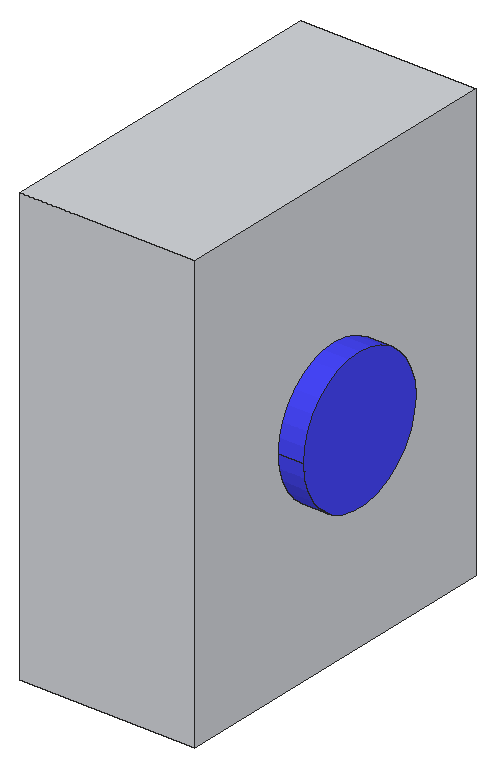
Revit family "電線管用ファミリ(片側のみ)", category Electrical Fixtures, Revit 2022
Family settings
  Round Connector Dimension = Use Diameter
  Part Type = Normal
  OmniClass Number = 23.80.00.00
  OmniClass Title = Electric Power and Lighting
  Work Plane-Based = No
  Always vertical = No
  Cut with Voids When Loaded = No
  Maintain Annotation Orientation = No
  Shared = No
  Room Calculation Point = No
Parameters
  Default Elevation = 0 mm
  コネクタ直径2 [instance] = 16 mm
  コネクタ直径1 [instance] = 16 mm
Reference planes
  plane 1 "中心(正面/背面)": y = 0
  plane 2: z = 0
  plane 3 "中心(左/右)": x = 0
Forms (mm)
  Extrusion 1, solid
    sketch origin (0, -9.877, 0) x (1, 0, 0) y (0, 1, 0)
      loop
        line (-10, 30) -> (-10, -10.245) -> (10, -10.245) -> (10, 30) -> (-10, 30)
    from 0 to 50
  Extrusion 2, solid, material "ポシェ"
    sketch origin (0, 0, 15) x (0, 1, 0) y (0, 0, 1)
      loop
        circle (-0.245, 10) r 8
    from 10 to 13
Dimensions and locks
  "コネクタ直径1": diameter of Extrusion 2 sketch curve
  aligned and locked: level to plane 2
  aligned and locked: Extrusion 2 to Extrusion 1
Automatic sketch dimensions
  Extrusion 1 sketch curve to plane 3 "中心(左/右)" = 10 mm
  plane 3 "中心(左/右)" to Extrusion 1 sketch curve = 10 mm
  plane 1 "中心(正面/背面)" to Extrusion 1 sketch curve = 20.123 mm
  Extrusion 1 sketch curve to plane 1 "中心(正面/背面)" = 20.123 mm
  plane 1 "中心(正面/背面)" to Extrusion 2 sketch curve = 0.245 mm
  level to Extrusion 2 sketch curve = 25 mm
Connectors
  cabletrayconduit at (13, -0.245, 25), diameter 16, driven by "コネクタ直径1"
    settings: on Extrusion 2, index 5, connector width 300 mm, connector height 300 mm, connector angle 0.00°, system type 32, placement type 0, profile type 0, connector reference index -1, is primary connector yes, connector utility param no, connector description ""
